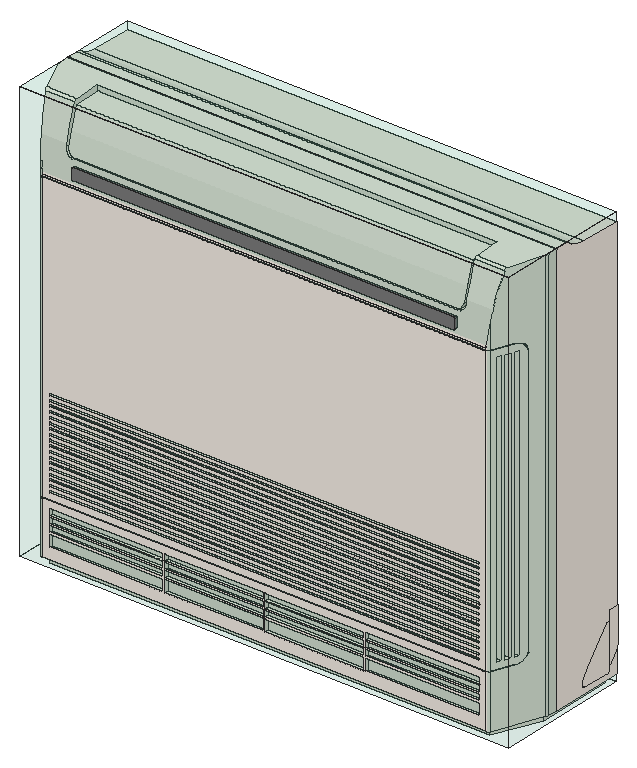
Revit family "EU_EHS_IDU_CONSOLE", category Mechanical Equipment, Revit 2015
Parameters (values of type "3.60 kW, 220-240V, CONSOLE")
  Voltage [instance] = "220~240 V"
  URL = "www.samsung.com"
  Total Heating Capacity [instance] = 4.00 kW
  Total Cooling Capacity [instance] = 3.60 kW
  System Served = ""
  Supply Air Connection Width [instance] = 0.00 mm
  Supply Air Connection Offset Bottom [instance] = 0.00 mm
  Supply Air Connection Height [instance] = 0.00 mm
  Subscribe for Update Alerts = ""
  Sound Pressure Middle [instance] = "37.00 dB(A)"
  Sound Pressure Low [instance] = "34.00 dB(A)"
  Sound Pressure High [instance] = "39.00 dB(A)"
  Sound Power Cooling [instance] = "59.00 dB(A)"
  Serial Number = ""
  Sensible Cooling Capacity [instance] = 0.00 kW
  Sales Rep Locator = ""
  Return Air Connection Width [instance] = 0.00 mm
  Return Air Connection Offset Bottom [instance] = 0.00 mm
  Return Air Connection Height [instance] = 0.00 mm
  Refrigerant Type = "R410A"
  Refrigerant Suction Gas Connection Radius [instance] = Refrigerant Suction Gas Connection Diameter / 2  # 6.35 mm
  Refrigerant Suction Gas Connection Offset Bottom [instance] = Refrigerant Liquid Connection Offset Bottom  # 80.00 mm
  Refrigerant Suction Gas Connection Offset Left [instance] = 29.928 mm
  Refrigerant Suction Gas Connection Diameter [instance] = 12.70 mm
  Refrigerant Liquid Connection Radius [instance] = Refrigerant Liquid Connection Diameter / 2  # 3.175 mm
  Refrigerant Liquid Connection Offset Left [instance] = 47.824 mm
  Refrigerant Liquid Connection Offset Bottom [instance] = 80.00 mm
  Refrigerant Liquid Connection Diameter [instance] = 6.35 mm
  Product Page URL = ""
  Product Documentation Link = ""
  Power Supply [instance] = 50 Hz
  Power Input Heating [instance] = 0 W
  Power Input Cooling [instance] = 0 W
  Power Connection Offset Left [instance] = 39.674 mm
  Power Connection Offset Bottom [instance] = 280.00 mm
  Phase [instance] = 1
  Panel net Dimensions Width [instance] = 0.00 mm
  Panel net Dimensions Height [instance] = 0.00 mm
  Panel net Dimensions Depth [instance] = 0.00 mm
  Panel model [instance] = ""
  Panel Model = ""
  Panel  Net Weight = 0.00 kg
  Number of poles [instance] = ""
  Notes = ""
  Net Dimensions Width [instance] = 720.00 mm
  Net Dimensions Height [instance] = 620.00 mm
  Net Dimensions Depth [instance] = 199.00 mm
  Net  Weight = 16.00 kg
  Motor Output = 37 W
  Model = "AE036MNJDEH/EU"
  Maximum Rated Over Protection Device [instance] = "Fuse"
  Manufacturer Metadata = ""
  Manufacturer = "SAMSUNG"
  Location = ""
  Heating Leaving Dry Bulb Temperature [instance] = 0 °C
  Heating Entering Dry Bulb Temperature [instance] = 7 °C
  Free Content Downloads = ""
  Family Load Status [instance] = "Valid - Type loaded via type catalog"
  External Static Pressure [instance] = "0.00 mmAq"
  Equipment Finish [instance] = Molded case
  Designation = ""
  Design Heating Air Flow Minimum [instance] = "0.00 CMM"
  Design Heating Air Flow Maximum [instance] = "0.00 CMM"
  Design Cooling Air Flow Minimum [instance] = "6.50 CMM"
  Design Cooling Air Flow Maximum [instance] = "8.50 CMM"
  Design Ambient Winter Wet Bulb Temperature [instance] = 6 °C
  Design Ambient Winter Dry Bulb Temperature [instance] = 7 °C
  Design Ambient Summer Dry Bulb Temperature [instance] = 35 °C
  Decoration Panel Finish [instance] = Ivory
  Current Input Heating [instance] = 0 A
  Current Input Cooling [instance] = 0 A
  Cooling Leaving Wet Bulb Temperature [instance] = 0 °C
  Cooling Leaving Dry Bulb Temperature [instance] = 0 °C
  Cooling Entering Wet Bulb Temperature [instance] = 27 °C
  Cooling Entering Dry Bulb Temperature [instance] = 35 °C
  Conduit for power supply & communication wiring [instance] = 20.00 mm
  Condensate Drain Connection Radius [instance] = Condensate Drain Connection Diameter / 2  # 9.00 mm
  Condensate Drain Connection Offset left [instance] = 96.149 mm
  Condensate Drain Connection Offset Bottom [instance] = Refrigerant Liquid Connection Offset Bottom  # 80.00 mm
  Condensate Drain Connection Diameter [instance] = 18.00 mm
  Clearance Type [instance] = Include Clearance : Include Clearance
  Clearance Offset Top [instance] = 0.00 mm
  Clearance Offset Right [instance] = 0.00 mm
  Clearance Offset Left [instance] = 0.00 mm
  Clearance Offset Front [instance] = 0.00 mm
  Clearance Offset Bottom [instance] = 0.00 mm
  Clearance Offset Back [instance] = 0.00 mm
  Actual Ventilation Air Flow [instance] = "0.00 CMM"
  Actual Supply Air Flow [instance] = "0.00 CMM"
  Actual Return Air Flow [instance] = "0.00 CMM"
  Actual Air Flow Imbalance [instance] = "0.00 CMM"
Types (5, lengths in mm): name | Total Heating Capacity | Total Cooling Capacity | Sound Pressure Middle | Sound Pressure Low | Sound Pressure High | Sound Power Cooling | Net  Weight | Model | Design Cooling Air Flow Minimum | Design Cooling Air Flow Maximum
  (no name) | 4.00 kW | 3.60 kW | "37.00 dB(A)" | "34.00 dB(A)" | "39.00 dB(A)" | "59.00 dB(A)" | 16.00 kg | "AE036MNJDEH/EU" | "6.50 CMM" | "8.50 CMM"
  2.20 kW, 220-240V, CONSOLE | 2.50 kW | 2.20 kW | "32.00 dB(A)" | "30.00 dB(A)" | "34.00 dB(A)" | "52.00 dB(A)" | 15.50 kg | "AE022MNJDEH/EU" | "4.90 CMM" | "6.30 CMM"
  2.80 kW, 220-240V, CONSOLE | 3.20 kW | 2.80 kW | "36.00 dB(A)" | "34.00 dB(A)" | "38.00 dB(A)" | "58.00 dB(A)" | 16.00 kg | "AE028MNJDEH/EU" | "5.00 CMM" | "7.00 CMM"
  3.60 kW, 220-240V, CONSOLE | 4.00 kW | 3.60 kW | "37.00 dB(A)" | "34.00 dB(A)" | "39.00 dB(A)" | "59.00 dB(A)" | 16.00 kg | "AE036MNJDEH/EU" | "6.50 CMM" | "8.50 CMM"
  5.60 kW, 220-240V, CONSOLE | 6.30 kW | 5.60 kW | "40.00 dB(A)" | "37.00 dB(A)" | "43.00 dB(A)" | "64.00 dB(A)" | 16.00 kg | "AE056MNJDEH/EU" | "10.00 CMM" | "13.00 CMM"
Reference planes
  plane 1 "중심(앞/뒤)": y = 0
  plane 2: z = 0
  plane 3 "중심(왼쪽/오른쪽)": x = 0
  plane 4 "a'": x = 360
  plane 5 "a": x = -360
  plane 6 "b'": x = 410
  plane 7 "b": x = -410
  plane 8 "back": y = 99.5
  plane 9: y = -99.5
  plane 10: z = 620
  plane 11: y = -94.5
  plane 12: z = 80
  plane 13: z = 280
  plane 14: x = 330.072
  plane 15: x = 312.176
  plane 16: x = 320.326
  plane 17: x = 263.851
  plane 18: x = 246.548
Forms (mm)
  Extrusion 1, solid, material "Ivory"
    sketch origin (0, 99.5, 0) x (1, 0, 0) y (0, 1, 0)
      loop
        line (-360, 0) -> (-360, -111) -> (360, -111) -> (360, 0) -> (-360, 0)
    from 11 to 620
  Extrusion 2, solid, material "Ivory"
    sketch origin (0, 99.5, 0) x (1, 0, 0) y (0, 1, 0)
      loop
        line (-360, -111) -> (-359.262, -125.091)
        arc (-359.262, -125.091) -> (-359.05, -126.855) -> (-358.532, -128.555) r 10.044
        line (-358.532, -128.555) -> (-331.265, -195.877)
        arc (-331.265, -195.877) -> (-329.425, -198.146) -> (-326.631, -199) r 5
        line (-326.631, -199) -> (326.631, -199)
        arc (326.631, -199) -> (329.089, -198.354) -> (330.912, -196.583) r 5
        line (330.912, -196.583) -> (358.521, -128.578)
        arc (358.521, -128.578) -> (359.034, -126.92) -> (359.256, -125.198) r 10.133
        line (359.256, -125.198) -> (360, -111) -> (-360, -111)
    from 11 to 620
  Extrusion 3, void
    sketch origin (0, 99.5, 0) x (0, 1, 0) y (0, 0, 1)
      loop
        line (0, 607.643) -> (0, 620) -> (-110, 620) -> (-92.183, 619.533)
        arc (-92.183, 619.533) -> (-90.173, 619.183) -> (-88.349, 618.269) r 7.003
        arc (-88.349, 618.269) -> (-75.326, 611.739) -> (-60.974, 609.24) r 50
        line (-60.974, 609.24) -> (0, 607.643)
    from -410 to 410
  Extrusion 4, solid, material "Ivory"
    sketch origin (0, 99.5, 0) x (1, 0, 0) y (0, 1, 0)
      loop
        line (350, -10) -> (-350, -10) -> (-350, -122.981) -> (-323.261, -189) -> (323.198, -189) -> (350, -122.982) -> (350, -10)
    from 0 to 11
  Extrusion 5, solid, material "Molded case"
    sketch origin (0, 99.5, 0) x (1, 0, 0) y (0, 0, 1)
      loop
        line (280, 541.942) -> (-280.004, 541.942)
        arc (-280.004, 541.942) -> (-281.415, 541.357) -> (-282, 539.946) r 1.996
        line (-282, 539.946) -> (-282, 526.974)
        arc (-282, 526.974) -> (-281.421, 525.514) -> (-280, 524.847) r 2.131
        line (-280, 524.847) -> (280, 524.847)
        arc (280, 524.847) -> (281.421, 525.514) -> (282, 526.974) r 2.131
        line (282, 526.974) -> (282, 539.942)
        arc (282, 539.942) -> (281.414, 541.356) -> (280, 541.942) r 2
    from 194 to 200.658
  Extrusion 6, void
    sketch origin (360, 0, 0) x (0, 1, 0) y (0, 0, 1)
      loop
        line (-11.5, 620) -> (-99.5, 620) -> (-99.5, 516.134)
        arc (-99.5, 516.134) -> (-94.504, 565.865) -> (-79.714, 613.609) r 250
        arc (-79.714, 613.609) -> (-77.98, 615.754) -> (-75.372, 616.653) r 5
        line (-75.372, 616.653) -> (-11.5, 620)
    from -770 to 50
  Extrusion 7, void
    sketch origin (0, 0, 0) x (1, 0, 0) y (0, 0, 1)
      loop
        line (-316.631, 231.151) -> (-316.631, 227.151) -> (316.631, 227.151) -> (316.631, 231.151) -> (-316.631, 231.151)
      loop
        line (-316.631, 223.651) -> (-316.631, 219.651) -> (316.631, 219.651) -> (316.631, 223.651) -> (-316.631, 223.651)
      loop
        line (-316.631, 216.151) -> (-316.631, 212.151) -> (316.631, 212.151) -> (316.631, 216.151) -> (-316.631, 216.151)
      loop
        line (-316.631, 208.651) -> (-316.631, 204.651) -> (316.631, 204.651) -> (316.631, 208.651) -> (-316.631, 208.651)
      loop
        line (-316.631, 201.151) -> (-316.631, 197.151) -> (316.631, 197.151) -> (316.631, 201.151) -> (-316.631, 201.151)
      loop
        line (-316.631, 193.651) -> (-316.631, 189.651) -> (316.631, 189.651) -> (316.631, 193.651) -> (-316.631, 193.651)
      loop
        line (-316.631, 186.151) -> (-316.631, 182.151) -> (316.631, 182.151) -> (316.631, 186.151) -> (-316.631, 186.151)
      loop
        line (-316.631, 178.651) -> (-316.631, 174.651) -> (316.631, 174.651) -> (316.631, 178.651) -> (-316.631, 178.651)
      loop
        line (-316.631, 171.151) -> (-316.631, 167.151) -> (316.631, 167.151) -> (316.631, 171.151) -> (-316.631, 171.151)
      loop
        line (-316.631, 163.651) -> (-316.631, 159.651) -> (316.631, 159.651) -> (316.631, 163.651) -> (-316.631, 163.651)
      loop
        line (-316.631, 156.151) -> (-316.631, 152.151) -> (316.631, 152.151) -> (316.631, 156.151) -> (-316.631, 156.151)
      loop
        line (-316.631, 148.651) -> (-316.631, 144.651) -> (316.631, 144.651) -> (316.631, 148.651) -> (-316.631, 148.651)
      loop
        line (-316.631, 141.151) -> (-316.631, 137.151) -> (316.631, 137.151) -> (316.631, 141.151) -> (-316.631, 141.151)
      loop
        line (-316.631, 133.651) -> (-316.631, 129.651) -> (316.631, 129.651) -> (316.631, 133.651) -> (-316.631, 133.651)
      loop
        line (-316.631, 126.151) -> (-316.631, 122.151) -> (316.631, 122.151) -> (316.631, 126.151) -> (-316.631, 126.151)
      loop
        line (-316.631, 118.651) -> (-316.631, 114.651) -> (316.631, 114.651) -> (316.631, 118.651) -> (-316.631, 118.651)
      loop
        line (-316.631, 111.151) -> (-316.631, 107.151) -> (316.631, 107.151) -> (316.631, 111.151) -> (-316.631, 111.151)
      loop
        line (-316.631, 103.651) -> (-316.631, 99.651) -> (316.631, 99.651) -> (316.631, 103.651) -> (-316.631, 103.651)
      loop
        line (-316.631, 79.11) -> (-316.631, 69.123) -> (-148.951, 69.123) -> (-148.951, 79.11) -> (-316.631, 79.11)
      loop
        line (316.631, 69.123) -> (316.631, 79.11) -> (148.75, 79.11) -> (148.75, 69.123) -> (316.631, 69.123)
      loop
        line (146.547, 79.11) -> (1.12, 79.11) -> (1.12, 69.123) -> (146.547, 69.123) -> (146.547, 79.11)
      loop
        line (-1.118, 79.11) -> (-146.819, 79.11) -> (-146.819, 69.123) -> (-1.118, 69.123) -> (-1.118, 79.11)
      loop
        line (-316.631, 68.11) -> (-316.631, 58.123) -> (-148.951, 58.123) -> (-148.951, 68.11) -> (-316.631, 68.11)
      loop
        line (316.631, 58.123) -> (316.631, 68.11) -> (148.75, 68.11) -> (148.75, 58.123) -> (316.631, 58.123)
      loop
        line (146.547, 68.11) -> (1.12, 68.11) -> (1.12, 58.123) -> (146.547, 58.123) -> (146.547, 68.11)
      loop
        line (-1.118, 68.11) -> (-146.819, 68.11) -> (-146.819, 58.123) -> (-1.118, 58.123) -> (-1.118, 68.11)
      loop
        line (-316.631, 57.25) -> (-316.631, 47.263) -> (-148.951, 47.263) -> (-148.951, 57.25) -> (-316.631, 57.25)
      loop
        line (316.631, 47.263) -> (316.631, 57.25) -> (148.75, 57.25) -> (148.75, 47.263) -> (316.631, 47.263)
      loop
        line (146.547, 57.25) -> (1.12, 57.25) -> (1.12, 47.263) -> (146.547, 47.263) -> (146.547, 57.25)
      loop
        line (-1.118, 57.25) -> (-146.819, 57.25) -> (-146.819, 47.263) -> (-1.118, 47.263) -> (-1.118, 57.25)
      loop
        line (-316.631, 45.098) -> (-316.631, 27.738) -> (-148.951, 27.738) -> (-148.951, 45.098) -> (-316.631, 45.098)
      loop
        line (316.631, 27.738) -> (316.631, 45.098) -> (148.75, 45.098) -> (148.75, 27.738) -> (316.631, 27.738)
      loop
        line (146.547, 45.098) -> (1.12, 45.098) -> (1.12, 27.738) -> (146.547, 27.738) -> (146.547, 45.098)
      loop
        line (-1.118, 45.098) -> (-146.819, 45.098) -> (-146.819, 27.738) -> (-1.118, 27.738) -> (-1.118, 45.098)
    from 94.5 to 218.552
  Extrusion 8, void
    sketch origin (0, 0, 0) x (1, 0, 0) y (0, 0, 1)
      loop
        line (-282.745, 550.196) -> (282.745, 550.196)
        arc (282.745, 550.196) -> (291.227, 553.732) -> (294.688, 562.245) r 11.943
        line (294.688, 562.245) -> (294.688, 620) -> (-294.688, 620) -> (-294.688, 562.245)
        arc (-294.688, 562.245) -> (-291.227, 553.732) -> (-282.745, 550.196) r 11.943
      loop
        line (-281, 551.997) -> (281, 551.997)
        arc (281, 551.997) -> (288.071, 554.926) -> (291, 561.997) r 10
        line (291, 561.997) -> (291, 611.969) -> (-291, 611.969) -> (-291, 561.997)
        arc (-291, 561.997) -> (-288.071, 554.926) -> (-281, 551.997) r 10
    from 40 to 218.552
  Extrusion 9, void
    sketch origin (360, 0, 0) x (0, 1, 0) y (0, 0, 1)
      loop
        line (-50.5, 105.161) -> (-50.5, 498.127)
        arc (-50.5, 498.127) -> (-55.039, 509.292) -> (-66.081, 514.122) r 16
        line (-66.081, 514.122) -> (-108.874, 514.122) -> (-108.874, 512.872) -> (-66.114, 512.872)
        arc (-66.114, 512.872) -> (-55.935, 508.42) -> (-51.75, 498.127) r 14.75
        line (-51.75, 498.127) -> (-51.75, 105.161)
        arc (-51.75, 105.161) -> (-55.935, 94.869) -> (-66.114, 90.416) r 14.75
        line (-66.114, 90.416) -> (-108.874, 90.416) -> (-108.874, 89.166) -> (-66.081, 89.166)
        arc (-66.081, 89.166) -> (-55.039, 93.996) -> (-50.5, 105.161) r 16
    from -770 to 50
  Extrusion 10, void
    sketch origin (360, 0, 0) x (0, 1, 0) y (0, 0, 1)
      loop
        line (-90.05, 99.994) -> (-82.829, 99.994) -> (-82.829, 503.295) -> (-90.05, 503.295) -> (-90.05, 99.994)
      loop
        line (-80.943, 503.295) -> (-80.943, 99.994) -> (-71.06, 99.994) -> (-71.06, 503.295) -> (-80.943, 503.295)
      loop
        line (-69.174, 503.295) -> (-69.174, 99.994) -> (-61.019, 99.994) -> (-61.019, 503.295) -> (-69.174, 503.295)
    from -40 to 50
  Extrusion 11, void
    sketch origin (360, 0, 0) x (0, 1, 0) y (0, 0, 1)
      loop
        line (-90.05, 99.994) -> (-82.829, 99.994) -> (-82.829, 503.295) -> (-90.05, 503.295) -> (-90.05, 99.994)
      loop
        line (-80.943, 503.295) -> (-80.943, 99.994) -> (-71.06, 99.994) -> (-71.06, 503.295) -> (-80.943, 503.295)
      loop
        line (-69.174, 503.295) -> (-69.174, 99.994) -> (-61.019, 99.994) -> (-61.019, 503.295) -> (-69.174, 503.295)
    from -770 to -680
  Extrusion 12, solid
    sketch origin (0, 99.5, 0) x (1, 0, 0) y (0, 0, 1)
      loop
        circle (312.176, 80) r 3.175
    from 0 to -5
  Extrusion 13, solid
    sketch origin (0, 99.5, 0) x (1, 0, 0) y (0, 0, 1)
      loop
        circle (263.851, 80) r 9
    from 0 to -5
  Extrusion 14, solid
    sketch origin (0, 99.5, 0) x (1, 0, 0) y (0, 0, 1)
      loop
        circle (330.072, 80) r 6.35
    from 0 to -5
  Extrusion 15, solid
    sketch origin (0, 99.5, 0) x (1, 0, 0) y (0, 0, 1)
      loop
        circle (246.548, 80) r 5
    from 0 to -5
  Extrusion 16, solid
    sketch origin (0, 99.5, 0) x (1, 0, 0) y (0, 0, 1)
      loop
        circle (320.326, 280) r 10
    from 0 to -5
Cuts and joins
  Extrusion 3, Extrusion 7, Extrusion 8 cuts Extrusion 1
  Extrusion 6, Extrusion 7, Extrusion 8, Extrusion 9, Extrusion 10, Extrusion 11 cuts Extrusion 2
Dimensions and locks
  locked: plane 8 "back" to Extrusion 4 sketch curve at 10
  locked: plane 9 to Extrusion 4 sketch curve at 10
  equal spacing: plane 9, plane 1 "중심(앞/뒤)", plane 8 "back"
  equal spacing: plane 5 "a", plane 3 "중심(왼쪽/오른쪽)", plane 4 "a'"
  "Net Dimensions Depth": plane 9 to plane 8 "back"
  "Net Dimensions Width": plane 5 "a" to plane 4 "a'"
  locked: plane 7 "b" to plane 5 "a" at 50
  locked: plane 4 "a'" to plane 6 "b'" at 50
  locked: Extrusion 4 to plane 2 at 11
  "Net Dimensions Height": plane 10 to level
  locked: plane 9 to plane 11 at 5
  locked: cut or joined group of Extrusion 2, Extrusion 6, Extrusion 7, Extrusion 8, Extrusion 9, Extrusion 10, Extrusion 11 to plane 9 at 59.5
  locked: cut or joined group of Extrusion 2, Extrusion 6, Extrusion 7, Extrusion 8, Extrusion 9, Extrusion 10, Extrusion 11 to plane 4 "a'" at 40
  locked: plane 5 "a" to Extrusion 11 at 40
  locked: Extrusion 5 to plane 11 at 6.658
  locked: plane 4 "a'" to Extrusion 14 sketch curve at 29.928
  locked: plane 4 "a'" to Extrusion 12 sketch curve at 47.824
  locked: plane 4 "a'" to Extrusion 13 sketch curve at 96.149
  "Refrigerant Liquid Connection Offset Bottom": level to plane 12
  "Power Connection Offset Bottom": level to plane 13
  "Refrigerant Suction Gas Connection Offset Left": plane 4 "a'" to plane 14
  "Power Connection Offset Left": plane 4 "a'" to plane 16
  "Refrigerant Liquid Connection Offset Left": plane 4 "a'" to plane 15
  "Condensate Drain Connection Offset left": plane 4 "a'" to plane 17
  plane 4 "a'" to plane 18 = 113.452 mm
  "Refrigerant Liquid Connection Diameter": diameter of Extrusion 12 sketch curve
  "Refrigerant Suction Gas Connection Diameter": diameter of Extrusion 14 sketch curve
  "Condensate Drain Connection Diameter": diameter of Extrusion 13 sketch curve
  "Conduit for power supply & communication wiring": diameter of Extrusion 16 sketch curve
  aligned and locked: level to plane 2
  aligned and locked: plane 10 to Extrusion 2
  aligned and locked: plane 10 to cut or joined group of Extrusion 1, Extrusion 3, Extrusion 7, Extrusion 8
  aligned and locked: Extrusion 6 to plane 7 "b"
  aligned and locked: Extrusion 3 to plane 7 "b"
  aligned and locked: plane 6 "b'" to Extrusion 3
  aligned and locked: cut or joined group of Extrusion 2, Extrusion 6, Extrusion 7, Extrusion 8, Extrusion 9, Extrusion 10, Extrusion 11 to plane 11
  aligned and locked: Extrusion 9 to plane 7 "b"
  aligned and locked: plane 6 "b'" to Extrusion 9
  aligned and locked: plane 6 "b'" to Extrusion 10
  aligned and locked: Extrusion 11 to plane 7 "b"
  aligned and locked: Extrusion 5 to plane 11
  aligned and locked: nested 2 to plane 5 "a"
  aligned and locked: nested 1 to plane 4 "a'"
  aligned and locked: Extrusion 3 to Extrusion 1
  aligned and locked: cut or joined group of Extrusion 1, Extrusion 3, Extrusion 7, Extrusion 8 to plane 8 "back"
  aligned and locked: plane 8 "back" to nested 2
  aligned and locked: nested 1 to plane 8 "back"
  aligned and locked: Extrusion 16 to cut or joined group of Extrusion 1, Extrusion 3, Extrusion 7, Extrusion 8
  aligned and locked: Extrusion 16 to Extrusion 13
Automatic sketch dimensions
  Extrusion 1 sketch curve to plane 5 "a" = 0.00 mm
  Extrusion 1 sketch curve to plane 4 "a'" = 0.00 mm
  Extrusion 1 sketch curve to plane 8 "back" = 0.00 mm
  plane 1 "중심(앞/뒤)" to Extrusion 1 sketch curve = 11.50 mm
  plane 9 to Extrusion 2 sketch curve = 0.00 mm
  plane 5 "a" to Extrusion 2 sketch curve = 0.00 mm
  plane 5 "a" to Extrusion 2 sketch curve = 0.738 mm
  plane 5 "a" to Extrusion 2 sketch curve = 1.468 mm
  Extrusion 2 sketch curve to Extrusion 2 sketch curve = 9.309 mm
  Extrusion 2 sketch curve to plane 9 = 3.123 mm
  plane 5 "a" to Extrusion 2 sketch curve = 28.735 mm
  Extrusion 2 sketch curve to Extrusion 2 sketch curve = 4.634 mm
  Extrusion 2 sketch curve to plane 4 "a'" = 33.369 mm
  Extrusion 2 sketch curve to plane 9 = 2.417 mm
  Extrusion 2 sketch curve to Extrusion 2 sketch curve = 4.281 mm
  Extrusion 2 sketch curve to plane 4 "a'" = 10.868 mm
  Extrusion 2 sketch curve to plane 4 "a'" = 1.479 mm
  Extrusion 2 sketch curve to plane 4 "a'" = 0.744 mm
  Extrusion 2 sketch curve to plane 4 "a'" = 0.00 mm
  plane 1 "중심(앞/뒤)" to Extrusion 2 sketch curve = 29.078 mm
  plane 1 "중심(앞/뒤)" to Extrusion 2 sketch curve = 29.055 mm
  Extrusion 2 sketch curve to Extrusion 2 sketch curve = 3.38 mm
  Extrusion 2 sketch curve to Extrusion 2 sketch curve = 3.464 mm
  plane 1 "중심(앞/뒤)" to Extrusion 2 sketch curve = 11.50 mm
  Extrusion 3 sketch curve to plane 8 "back" = 0.00 mm
  Extrusion 3 sketch curve to plane 1 "중심(앞/뒤)" = 39.835 mm
  Extrusion 3 sketch curve to plane 1 "중심(앞/뒤)" = 38.526 mm
  Extrusion 3 sketch curve to plane 1 "중심(앞/뒤)" = 7.317 mm
  Extrusion 3 sketch curve to Extrusion 3 sketch curve = 0.183 mm
  plane 1 "중심(앞/뒤)" to Extrusion 3 sketch curve = 10.50 mm
  Extrusion 3 sketch curve to Extrusion 3 sketch curve = 7.001 mm
  Extrusion 3 sketch curve to Extrusion 3 sketch curve = 12.357 mm
  Extrusion 3 sketch curve to Extrusion 3 sketch curve = 49.983 mm
  plane 5 "a" to Extrusion 4 sketch curve = 10.00 mm
  plane 5 "a" to Extrusion 4 sketch curve = 36.739 mm
  Extrusion 4 sketch curve to plane 4 "a'" = 36.802 mm
  Extrusion 4 sketch curve to plane 4 "a'" = 10.00 mm
  plane 1 "중심(앞/뒤)" to Extrusion 4 sketch curve = 23.482 mm
  plane 1 "중심(앞/뒤)" to Extrusion 4 sketch curve = 23.481 mm
  plane 5 "a" to Extrusion 5 sketch curve = 78.00 mm
  Extrusion 5 sketch curve to Extrusion 5 sketch curve = 1.996 mm
  Extrusion 5 sketch curve to Extrusion 5 sketch curve = 2.00 mm  (x2)
  Extrusion 5 sketch curve to Extrusion 5 sketch curve = 2.131 mm
  Extrusion 5 sketch curve to plane 4 "a'" = 80.131 mm
  Extrusion 5 sketch curve to Extrusion 5 sketch curve = 0.131 mm  (x2)
  Extrusion 5 sketch curve to Extrusion 5 sketch curve = 12.968 mm
  Extrusion 3 sketch curve to plane 10 = 0.00 mm
  Extrusion 3 sketch curve to plane 10 = 10.76 mm
  Extrusion 3 sketch curve to plane 10 = 7.467 mm
  Extrusion 5 sketch curve to plane 10 = 95.153 mm
  Extrusion 6 sketch curve to plane 9 = 0.00 mm  (x2)
  Extrusion 6 sketch curve to plane 10 = 8.341 mm
  Extrusion 6 sketch curve to plane 9 = 24.39 mm
  plane 1 "중심(앞/뒤)" to Extrusion 6 sketch curve = 11.50 mm
  Extrusion 6 sketch curve to Extrusion 6 sketch curve = 4.604 mm
  Extrusion 6 sketch curve to plane 10 = 3.347 mm
  Extrusion 6 sketch curve to Extrusion 6 sketch curve = 0.262 mm
  Extrusion 6 sketch curve to Extrusion 6 sketch curve = 0.00 mm  (x2)
  plane 10 to Extrusion 6 sketch curve = 0.00 mm
  plane 5 "a" to Extrusion 7 sketch curve = 43.369 mm  (x2)
  Extrusion 7 sketch curve to Extrusion 7 sketch curve = 0.00 mm  (x59)
  level to Extrusion 7 sketch curve = 27.738 mm  (x2)
  Extrusion 7 sketch curve to plane 3 "중심(왼쪽/오른쪽)" = 148.951 mm
  Extrusion 7 sketch curve to Extrusion 7 sketch curve = 2.132 mm  (x3)
  Extrusion 7 sketch curve to plane 3 "중심(왼쪽/오른쪽)" = 1.118 mm  (x3)
  plane 3 "중심(왼쪽/오른쪽)" to Extrusion 7 sketch curve = 1.12 mm  (x2)
  Extrusion 7 sketch curve to Extrusion 7 sketch curve = 145.427 mm
  Extrusion 7 sketch curve to Extrusion 7 sketch curve = 2.203 mm  (x3)
  Extrusion 7 sketch curve to plane 4 "a'" = 43.369 mm  (x3)
  Extrusion 7 sketch curve to Extrusion 7 sketch curve = 17.359 mm  (x3)
  Extrusion 7 sketch curve to Extrusion 7 sketch curve = 2.166 mm  (x2)
  Extrusion 7 sketch curve to Extrusion 7 sketch curve = 9.987 mm  (x8)
  Extrusion 7 sketch curve to Extrusion 7 sketch curve = 0.873 mm  (x4)
  Extrusion 7 sketch curve to Extrusion 7 sketch curve = 1.013 mm  (x4)
  Extrusion 7 sketch curve to Extrusion 7 sketch curve = 20.541 mm
  Extrusion 7 sketch curve to Extrusion 7 sketch curve = 4.00 mm  (x18)
  Extrusion 7 sketch curve to Extrusion 7 sketch curve = 3.50 mm  (x17)
  Extrusion 8 sketch curve to plane 10 = 0.00 mm
  plane 5 "a" to Extrusion 8 sketch curve = 65.312 mm
  Extrusion 8 sketch curve to Extrusion 8 sketch curve = 3.688 mm  (x2)
  Extrusion 8 sketch curve to Extrusion 8 sketch curve = 8.255 mm  (x2)
  Extrusion 8 sketch curve to Extrusion 8 sketch curve = 1.745 mm  (x2)
  Extrusion 8 sketch curve to plane 4 "a'" = 79.00 mm
  Extrusion 8 sketch curve to plane 10 = 8.031 mm
  Extrusion 8 sketch curve to Extrusion 8 sketch curve = 49.725 mm  (x2)
  Extrusion 8 sketch curve to Extrusion 8 sketch curve = 0.105 mm
  Extrusion 8 sketch curve to Extrusion 8 sketch curve = 0.248 mm
  Extrusion 9 sketch curve to Extrusion 9 sketch curve = 0.00 mm  (x4)
  Extrusion 9 sketch curve to plane 11 = 28.00 mm  (x2)
  Extrusion 9 sketch curve to Extrusion 9 sketch curve = 0.386 mm  (x2)
  Extrusion 9 sketch curve to Extrusion 9 sketch curve = 0.033 mm  (x2)
  Extrusion 9 sketch curve to Extrusion 9 sketch curve = 14.75 mm
  Extrusion 9 sketch curve to Extrusion 9 sketch curve = 1.25 mm
  level to Extrusion 9 sketch curve = 89.166 mm
  Extrusion 9 sketch curve to plane 10 = 121.873 mm
  plane 9 to Extrusion 9 sketch curve = 9.374 mm  (x2)
  Extrusion 10 sketch curve to plane 11 = 4.45 mm
  Extrusion 10 sketch curve to Extrusion 10 sketch curve = 7.221 mm
  Extrusion 10 sketch curve to Extrusion 10 sketch curve = 1.887 mm
  Extrusion 10 sketch curve to Extrusion 10 sketch curve = 9.883 mm
  Extrusion 10 sketch curve to Extrusion 10 sketch curve = 1.886 mm
  Extrusion 10 sketch curve to Extrusion 10 sketch curve = 8.155 mm
  Extrusion 10 sketch curve to plane 10 = 116.705 mm
  Extrusion 10 sketch curve to Extrusion 10 sketch curve = 0.00 mm  (x4)
  level to Extrusion 10 sketch curve = 99.994 mm
  Extrusion 11 sketch curve to plane 11 = 4.45 mm
  Extrusion 11 sketch curve to Extrusion 11 sketch curve = 7.221 mm
  Extrusion 11 sketch curve to Extrusion 11 sketch curve = 1.887 mm
  Extrusion 11 sketch curve to Extrusion 11 sketch curve = 9.883 mm
  Extrusion 11 sketch curve to Extrusion 11 sketch curve = 1.886 mm
  Extrusion 11 sketch curve to Extrusion 11 sketch curve = 8.155 mm
  level to Extrusion 11 sketch curve = 99.994 mm
  Extrusion 11 sketch curve to Extrusion 11 sketch curve = 0.00 mm  (x4)
  Extrusion 11 sketch curve to plane 10 = 116.705 mm
  Extrusion 15 sketch curve to plane 4 "a'" = 113.452 mm
  level to Extrusion 15 sketch curve = 80.00 mm
  Extrusion 12 sketch curve to plane 12 = 0.00 mm
  Extrusion 13 sketch curve to plane 12 = 0.00 mm
  Extrusion 14 sketch curve to plane 12 = 0.00 mm
  Extrusion 16 sketch curve to plane 13 = 0.00 mm
  plane 16 to Extrusion 16 sketch curve = 0.00 mm
  radius of Extrusion 15 sketch curve = 5.00 mm
Nested families
  nested 1: "Knockout hole" at (0, 0, 0), type "Knockout hole"
  nested 2: "Knockout hole" at (0, 0, 0) x (-1, 0, 0) z (0, 0, 1), type "Knockout hole"
  nested 3: "Include Clearance" at (0, 0, 0), type <- "Clearance Type", type "Include Clearance"
    with Equipment Finish none, Width 199.00 mm, Length 720.00 mm, Height 620.00 mm
  nested 4: "Do not Include Clearance" at (0, 0, 0), type "Do not Include Clearance"
    with Equipment Finish Default, Width 199.00 mm, Length 720.00 mm, Height 620.00 mm
Connectors
  piping at (312.176, 104.5, 80), diameter 6.35
    settings: on Extrusion 12, index 1, connector inside diameter 609.6 mm, connector length 0.00 mm, flow factor 0, pipe flow 0.0 L/s, pressure drop 0.0 Pa, fitting loss kfactor 0, connector angle 0.00°, fixture units 0, engagement length 0.00 mm, angle of deflection 0.00°, flow configuration 0, flow direction 0, fitting loss method 0, system type 29, joint type 0, gender type 0, connector reference index -1, connector utility 0, adjustable connector no, is connector primary yes, connector description ""
  piping at (312.176, 104.5, 80), diameter 6.35, driven by "Refrigerant Liquid Connection Diameter"
    settings: on Extrusion 12, index 2, connector inside diameter 609.6 mm, connector length 0.00 mm, flow factor 0, pipe flow 0.0 L/s, pressure drop 0.0 Pa, fitting loss kfactor 0, connector angle 0.00°, fixture units 0, engagement length 0.00 mm, angle of deflection 0.00°, flow configuration 0, flow direction 0, fitting loss method 0, system type 29, joint type 0, gender type 0, connector reference index -1, connector utility 0, adjustable connector no, is connector primary no, connector description ""
  piping at (263.851, 104.5, 80), diameter 18, driven by "Condensate Drain Connection Diameter"
    settings: on Extrusion 13, index 3, connector inside diameter 609.6 mm, connector length 0.00 mm, flow factor 0, pipe flow 0.0 L/s, pressure drop 0.0 Pa, fitting loss kfactor 0, connector angle 0.00°, fixture units 0, engagement length 0.00 mm, angle of deflection 0.00°, flow configuration 0, flow direction 0, fitting loss method 0, system type 29, joint type 0, gender type 0, connector reference index -1, connector utility 0, adjustable connector no, is connector primary no, connector description ""
  piping at (330.072, 104.5, 80), diameter 12.7, driven by "Refrigerant Suction Gas Connection Diameter"
    settings: on Extrusion 14, index 4, connector inside diameter 609.6 mm, connector length 0.00 mm, flow factor 0, pipe flow 0.0 L/s, pressure drop 0.0 Pa, fitting loss kfactor 0, connector angle 0.00°, fixture units 0, engagement length 0.00 mm, angle of deflection 0.00°, flow configuration 0, flow direction 0, fitting loss method 0, system type 29, joint type 0, gender type 0, connector reference index -1, connector utility 0, adjustable connector no, is connector primary no, connector description ""
  electrical at (320.326, 104.5, 280)
    settings: on Extrusion 16, index 5, voltage 0 V, apparent load 0 VA, apparent load phase1 0 VA, apparent load phase2 0 VA, apparent load phase3 0 VA, power factor 1, load classification "기타", number of poles 1, system type 31, power factor state 1, is connector primary yes, connector utility no, sub classification motor no, connector description ""
Definition of nested family "Knockout hole"
  Parameters
    material [instance] = none
  Reference planes
    plane 1 "중심(앞/뒤)": y = 0
    plane 2: z = 0
    plane 3 "중심(왼쪽/오른쪽)": x = 0
    plane 4: z = 620
  Forms (mm)
    Extrusion 1, solid, material <- "material"
      sketch origin (0, 0, 0) x (0, 1, 0) y (0, 0, 1)
        loop
          arc (84.499, 31.826) -> (85.502, 30.415) -> (87.165, 30.898) r 1.494
          line (87.165, 30.898) -> (92.812, 37.869)
          arc (92.812, 37.869) -> (97.536, 46.051) -> (99.5, 55.293) r 30.184
          line (99.5, 55.293) -> (99.5, 101.8) -> (86.299, 101.8)
          arc (86.299, 101.8) -> (85.027, 101.273) -> (84.499, 100) r 1.8
          line (84.499, 100) -> (84.499, 31.826)
        loop
          line (79.008, 85.658) -> (37.894, 34.138)
          arc (37.894, 34.138) -> (36.267, 31.199) -> (35.7, 27.887) r 10.047
          line (35.7, 27.887) -> (35.7, 23.675)
          arc (35.7, 23.675) -> (36.579, 21.553) -> (38.701, 20.674) r 3.001
          line (38.701, 20.674) -> (79.69, 19.601)
          arc (79.69, 19.601) -> (81.631, 20.241) -> (82.721, 21.969) r 3.024
          line (82.721, 21.969) -> (83.299, 25.174) -> (83.299, 86.759) -> (81.263, 86.759)
          arc (81.263, 86.759) -> (80.012, 86.462) -> (79.008, 85.658) r 2.928
      from 360 to 361
  Dimensions and locks
    plane 4 to level = 620.00 mm
    aligned and locked: level to plane 2
Definition of nested family "Include Clearance"
  Parameters
    Width = 330.00 mm
    URL = ""
    Manufacturer = ""
    Length = 940.00 mm
    Height = 1210.00 mm
    Equipment Finish [instance] = none
    Copyright © = ""
    Clearance Offset Top = 0.00 mm
    Clearance Offset Right = 0.00 mm
    Clearance Offset Left = 0.00 mm
    Clearance Offset Front = 0.00 mm
    Clearance Offset Bottom = 0.00 mm
    Clearance Offset Back = 0.00 mm
    Assembly Code = ""
  Reference planes
    plane 1 "Center (Front/Back)": y = 0
    plane 2 "Bottom": z = 0
    plane 3 "Center (Left/Right)": x = 0
    plane 4 "Left": x = -470
    plane 5 "Back": y = 165
    plane 6 "Right": x = 470
    plane 7 "Front": y = -165
    plane 8 "Top": z = 1210
    plane 9 "Clearance Offset Right": x = 470
    plane 10 "Clearance Offset Left": x = -470
    plane 11 "Clearance Offset Back": y = 165
    plane 12 "Clearance Offset Front": y = -165
    plane 13 "Clearance Offset Top": z = 1210
    plane 14: z = 0
  Forms (mm)
    Extrusion 1, solid
      sketch origin (0, 0, 0) x (1, 0, 0) y (0, 1, 0)
        loop
          line (-470, 165) -> (-470, -165) -> (470, -165) -> (470, 165) -> (-470, 165)
      from 0 to 1210
  Lines and regions (mm)
    symbolic lines
      curve 1: line (-470, 0, 1210) -> (470, 0, 1210)
      curve 2: line (-470, 0, 0) -> (-470, 0, 1210)
      curve 3: line (470, 0, 0) -> (-470, 0, 0)
      curve 4: line (470, 0, 1210) -> (470, 0, 0)
      curve 5: line (0, 165, 1210) -> (0, -165, 1210)
      curve 6: line (0, 165, 0) -> (0, 165, 1210)
      curve 7: line (0, -165, 0) -> (0, 165, 0)
      curve 8: line (0, -165, 1210) -> (0, -165, 0)
      curve 9: line (-470, 165, 0) -> (470, 165, 0)
      curve 10: line (-470, -165, 0) -> (-470, 165, 0)
      curve 11: line (470, -165, 0) -> (-470, -165, 0)
      curve 12: line (470, 165, 0) -> (470, -165, 0)
  Text (mm)
    text "Copyright © Daikin Industries, Ltd. 2008" at (0.011, 0.009, 0), in view "Ref. Level"
  Dimensions and locks
    equal spacing: plane 4 "Left", plane 3 "Center (Left/Right)", plane 6 "Right"
    "Length": plane 4 "Left" to plane 6 "Right"
    equal spacing: plane 5 "Back", plane 1 "Center (Front/Back)", plane 7 "Front"
    "Width": plane 5 "Back" to plane 7 "Front"
    "Height": plane 8 "Top" to plane 2 "Bottom"
    "Clearance Offset Front": plane 12 "Clearance Offset Front" to plane 7 "Front"
    "Clearance Offset Back": plane 11 "Clearance Offset Back" to plane 5 "Back"
    "Clearance Offset Left": plane 10 "Clearance Offset Left" to plane 4 "Left"
    "Clearance Offset Right": plane 6 "Right" to plane 9 "Clearance Offset Right"
    "Clearance Offset Top": plane 13 "Clearance Offset Top" to plane 8 "Top"
    curve 3 to plane 14 = 0.00 mm
    "Clearance Offset Bottom": plane 2 "Bottom" to plane 14
    aligned and locked: plane 2 "Bottom" to level
    aligned and locked: plane 9 "Clearance Offset Right" to Extrusion 1 sketch curve
    aligned and locked: Extrusion 1 sketch curve to plane 11 "Clearance Offset Back"
    aligned and locked: plane 10 "Clearance Offset Left" to Extrusion 1 sketch curve
    aligned and locked: Extrusion 1 sketch curve to plane 12 "Clearance Offset Front"
    aligned and locked: curve 9 to Extrusion 1  (x2)
    aligned and locked: Extrusion 1 to curve 12
    aligned and locked: curve 12 to Extrusion 1
    aligned and locked: plane 13 "Clearance Offset Top" to Extrusion 1
    aligned and locked: Extrusion 1 to plane 14
    aligned and locked: Extrusion 1 to plane 10 "Clearance Offset Left"
    aligned and locked: Extrusion 1 to plane 9 "Clearance Offset Right"  (x2)
    aligned and locked: Extrusion 1 to plane 13 "Clearance Offset Top"  (x2)
    aligned and locked: plane 14 to Extrusion 1  (x2)
    aligned and locked: curve 1 to plane 13 "Clearance Offset Top"
    aligned and locked: plane 9 "Clearance Offset Right" to curve 4
    aligned and locked: plane 10 "Clearance Offset Left" to curve 2
    aligned and locked: plane 14 to curve 3
    aligned and locked: plane 10 "Clearance Offset Left" to Extrusion 1  (x2)
    aligned and locked: curve 8 to plane 12 "Clearance Offset Front"
    aligned and locked: curve 5 to plane 13 "Clearance Offset Top"
    aligned and locked: curve 6 to plane 11 "Clearance Offset Back"
    aligned and locked: plane 14 to curve 7
Definition of nested family "Do not Include Clearance"
  Parameters
    Width = 330.00 mm
    URL = ""
    Manufacturer = ""
    Length = 940.00 mm
    Height = 1210.00 mm
    Equipment Finish [instance] = none
    Copyright © = ""
    Clearance Offset Top = 0.00 mm
    Clearance Offset Right = 0.00 mm
    Clearance Offset Left = 0.00 mm
    Clearance Offset Front = 0.00 mm
    Clearance Offset Bottom = 0.00 mm
    Clearance Offset Back = 0.00 mm
    Assembly Code = ""
  Reference planes
    plane 1 "Center (Front/Back)": y = 0
    plane 2 "Bottom": z = 0
    plane 3 "Center (Left/Right)": x = 0
    plane 4 "Left": x = -470
    plane 5 "Back": y = 165
    plane 6 "Right": x = 470
    plane 7 "Front": y = -165
    plane 8 "Top": z = 1210
    plane 9 "Clearance Offset Right": x = 470
    plane 10 "Clearance Offset Left": x = -470
    plane 11 "Clearance Offset Back": y = 165
    plane 12 "Clearance Offset Front": y = -165
    plane 13 "Clearance Offset Top": z = 1210
    plane 14: z = 0
  Lines and regions (mm)
    symbolic lines
      curve 1: line (-470, 0, 1210) -> (470, 0, 1210)
      curve 2: line (-470, 0, 0) -> (-470, 0, 1210)
      curve 3: line (470, 0, 0) -> (-470, 0, 0)
      curve 4: line (470, 0, 1210) -> (470, 0, 0)
      curve 5: line (0, 165, 1210) -> (0, -165, 1210)
      curve 6: line (0, 165, 0) -> (0, 165, 1210)
      curve 7: line (0, -165, 0) -> (0, 165, 0)
      curve 8: line (0, -165, 1210) -> (0, -165, 0)
      curve 9: line (-470, 165, 0) -> (470, 165, 0)
      curve 10: line (-470, -165, 0) -> (-470, 165, 0)
      curve 11: line (470, -165, 0) -> (-470, -165, 0)
      curve 12: line (470, 165, 0) -> (470, -165, 0)
  Text (mm)
    text "Copyright © Daikin Industries, Ltd. 2008" at (0.011, 0.009, 0), in view "Ref. Level"
  Dimensions and locks
    equal spacing: plane 4 "Left", plane 3 "Center (Left/Right)", plane 6 "Right"
    "Length": plane 4 "Left" to plane 6 "Right"
    equal spacing: plane 5 "Back", plane 1 "Center (Front/Back)", plane 7 "Front"
    "Width": plane 5 "Back" to plane 7 "Front"
    "Height": plane 8 "Top" to plane 2 "Bottom"
    "Clearance Offset Front": plane 12 "Clearance Offset Front" to plane 7 "Front"
    "Clearance Offset Back": plane 11 "Clearance Offset Back" to plane 5 "Back"
    "Clearance Offset Left": plane 10 "Clearance Offset Left" to plane 4 "Left"
    "Clearance Offset Right": plane 6 "Right" to plane 9 "Clearance Offset Right"
    "Clearance Offset Top": plane 13 "Clearance Offset Top" to plane 8 "Top"
    curve 3 to plane 14 = 0.00 mm
    "Clearance Offset Bottom": plane 2 "Bottom" to plane 14
    aligned and locked: plane 2 "Bottom" to level
    aligned and locked: curve 1 to plane 13 "Clearance Offset Top"
    aligned and locked: plane 9 "Clearance Offset Right" to curve 4
    aligned and locked: plane 10 "Clearance Offset Left" to curve 2
    aligned and locked: plane 14 to curve 3
    aligned and locked: curve 8 to plane 12 "Clearance Offset Front"
    aligned and locked: curve 5 to plane 13 "Clearance Offset Top"
    aligned and locked: curve 6 to plane 11 "Clearance Offset Back"
    aligned and locked: plane 14 to curve 7
  Automatic sketch dimensions
    plane 7 "Front" to curve 11 = 0.00 mm
    curve 11 to plane 10 "Clearance Offset Left" = 0.00 mm
    curve 11 to plane 9 "Clearance Offset Right" = 0.00 mm
    curve 10 to plane 5 "Back" = 0.00 mm
